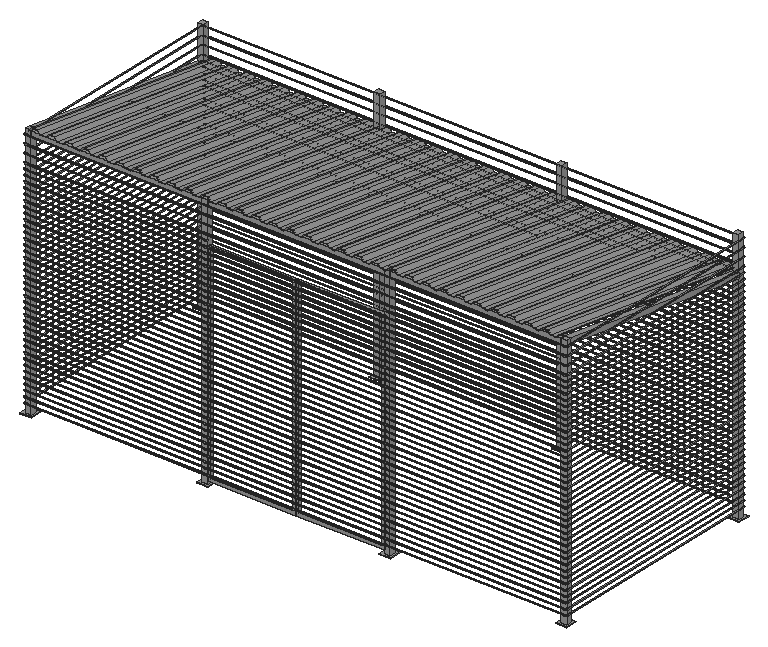
Revit family "31790 Контейнерная площадка для ТБО «Сплит» без хозблока Хоббика", category Антураж, Revit 2018 (continued)
Definition of nested family "3179 Контейнерная площадка для ТБО «Сплит» без хозблока Хоббика В 4,82 м"
  Forms (mm)
    Extrusion 6, solid, material <- "Цвет каркаса"
      sketch origin (0, 0, 0) x (0, 1, 0) y (0, 0, 1)
        loop
          line (975, 2104.054) -> (975, 2053.401) -> (1025, 2045.293) -> (1025, 2095.946) -> (975, 2104.054)
      from 75 to 4745
    Extrusion 7, solid, material <- "Цвет каркаса"
      sketch origin (0, 0, 0) x (0, 1, 0) y (0, 0, 1)
        loop
          circle (1980, 80) r 5
        loop
          circle (1980, 130) r 5
        loop
          circle (1980, 180) r 5
        loop
          circle (1980, 230) r 5
        loop
          circle (1980, 280) r 5
        loop
          circle (1980, 330) r 5
        loop
          circle (1980, 380) r 5
        loop
          circle (1980, 430) r 5
        loop
          circle (1980, 480) r 5
        loop
          circle (1980, 530) r 5
        loop
          circle (1980, 580) r 5
        loop
          circle (1980, 630) r 5
        loop
          circle (1980, 680) r 5
        loop
          circle (1980, 730) r 5
        loop
          circle (1980, 780) r 5
        loop
          circle (1980, 830) r 5
        loop
          circle (1980, 880) r 5
        loop
          circle (1980, 930) r 5
        loop
          circle (1980, 980) r 5
        loop
          circle (1980, 1030) r 5
        loop
          circle (1980, 1080) r 5
        loop
          circle (1980, 1130) r 5
        loop
          circle (1980, 1180) r 5
        loop
          circle (1980, 1230) r 5
        loop
          circle (1980, 1280) r 5
        loop
          circle (1980, 1330) r 5
        loop
          circle (1980, 1380) r 5
        loop
          circle (1980, 1430) r 5
        loop
          circle (1980, 1480) r 5
        loop
          circle (1980, 1530) r 5
        loop
          circle (1980, 1580) r 5
        loop
          circle (1980, 1630) r 5
        loop
          circle (1980, 1680) r 5
        loop
          circle (1980, 1730) r 5
        loop
          circle (1980, 1780) r 5
        loop
          circle (1980, 1830) r 5
        loop
          circle (1980, 1880) r 5
        loop
          circle (1980, 1930) r 5
        loop
          circle (1980, 1980) r 5
        loop
          circle (1980, 2055) r 5
        loop
          circle (1980, 2130) r 5
        loop
          circle (1980, 2205) r 5
      from 25 to 4795
    Extrusion 8, solid, material <- "Цвет каркаса"
      sketch origin (-1960, 2000, 0) x (1, 0, 0) y (0, 0, 1)
        loop
          circle (1980, 80) r 5
        loop
          circle (1980, 130) r 5
        loop
          circle (1980, 180) r 5
        loop
          circle (1980, 230) r 5
        loop
          circle (1980, 280) r 5
        loop
          circle (1980, 330) r 5
        loop
          circle (1980, 380) r 5
        loop
          circle (1980, 430) r 5
        loop
          circle (1980, 480) r 5
        loop
          circle (1980, 530) r 5
        loop
          circle (1980, 580) r 5
        loop
          circle (1980, 630) r 5
        loop
          circle (1980, 680) r 5
        loop
          circle (1980, 730) r 5
        loop
          circle (1980, 780) r 5
        loop
          circle (1980, 830) r 5
        loop
          circle (1980, 880) r 5
        loop
          circle (1980, 930) r 5
        loop
          circle (1980, 980) r 5
        loop
          circle (1980, 1030) r 5
        loop
          circle (1980, 1080) r 5
        loop
          circle (1980, 1130) r 5
        loop
          circle (1980, 1180) r 5
        loop
          circle (1980, 1230) r 5
        loop
          circle (1980, 1280) r 5
        loop
          circle (1980, 1330) r 5
        loop
          circle (1980, 1380) r 5
        loop
          circle (1980, 1430) r 5
        loop
          circle (1980, 1480) r 5
        loop
          circle (1980, 1530) r 5
        loop
          circle (1980, 1580) r 5
        loop
          circle (1980, 1630) r 5
        loop
          circle (1980, 1680) r 5
        loop
          circle (1980, 1730) r 5
        loop
          circle (1980, 1780) r 5
        loop
          circle (1980, 1830) r 5
        loop
          circle (1980, 1880) r 5
        loop
          circle (1980, 1930) r 5
        loop
          circle (1980, 1980) r 5
        loop
          circle (1980, 2055) r 5
        loop
          circle (1980, 2130) r 5
        loop
          circle (1980, 2205) r 5
      from 25 to 1975
    Extrusion 9, solid, material <- "Цвет каркаса"
      sketch origin (-280, 2000, 0) x (1, 0, 0) y (0, 0, 1)
        loop
          circle (5080, 1680) r 5
        loop
          circle (5080, 1730) r 5
        loop
          circle (5080, 1780) r 5
        loop
          circle (5080, 1830) r 5
        loop
          circle (5080, 1880) r 5
        loop
          circle (5080, 1930) r 5
        loop
          circle (5080, 1980) r 5
        loop
          circle (5080, 2055) r 5
        loop
          circle (5080, 2130) r 5
        loop
          circle (5080, 2205) r 5
        loop
          circle (5080, 1430) r 5
        loop
          circle (5080, 1480) r 5
        loop
          circle (5080, 1530) r 5
        loop
          circle (5080, 1580) r 5
        loop
          circle (5080, 1630) r 5
        loop
          circle (5080, 1180) r 5
        loop
          circle (5080, 1230) r 5
        loop
          circle (5080, 1280) r 5
        loop
          circle (5080, 1330) r 5
        loop
          circle (5080, 1380) r 5
        loop
          circle (5080, 930) r 5
        loop
          circle (5080, 980) r 5
        loop
          circle (5080, 1030) r 5
        loop
          circle (5080, 1080) r 5
        loop
          circle (5080, 1130) r 5
        loop
          circle (5080, 680) r 5
        loop
          circle (5080, 730) r 5
        loop
          circle (5080, 780) r 5
        loop
          circle (5080, 830) r 5
        loop
          circle (5080, 880) r 5
        loop
          circle (5080, 430) r 5
        loop
          circle (5080, 480) r 5
        loop
          circle (5080, 530) r 5
        loop
          circle (5080, 580) r 5
        loop
          circle (5080, 630) r 5
        loop
          circle (5080, 180) r 5
        loop
          circle (5080, 230) r 5
        loop
          circle (5080, 280) r 5
        loop
          circle (5080, 330) r 5
        loop
          circle (5080, 380) r 5
        loop
          circle (5080, 80) r 5
        loop
          circle (5080, 130) r 5
      from 25 to 1975
    Extrusion 10, solid, material <- "Цвет каркаса"
      sketch origin (0, 0, 0) x (1, 0, 0) y (0, 0, 1)
        loop
          line (1631.667, 30.567) -> (2411.146, 30.567) -> (2411.146, 1891.892) -> (1631.667, 1891.892) -> (1631.667, 30.567)
        loop
          line (2386.146, 1866.892) -> (1656.667, 1866.892) -> (1656.667, 55.567) -> (2386.146, 55.567) -> (2386.146, 1866.892)
      from -25 to -50
    Extrusion 11, solid, material <- "Цвет каркаса"
      sketch origin (0, -1960, 0) x (0, 1, 0) y (0, 0, 1)
        loop
          circle (1980, 1980) r 5
        loop
          circle (1980, 2055) r 5
        loop
          circle (1980, 2130) r 5
        loop
          circle (1980, 2205) r 5
      from 25 to 4795
    Extrusion 12, solid, material <- "Цвет каркаса"
      sketch origin (0, -1960, 0) x (0, 1, 0) y (0, 0, 1)
        loop
          circle (1980, 80) r 5
        loop
          circle (1980, 130) r 5
        loop
          circle (1980, 180) r 5
        loop
          circle (1980, 230) r 5
        loop
          circle (1980, 280) r 5
        loop
          circle (1980, 330) r 5
        loop
          circle (1980, 380) r 5
        loop
          circle (1980, 430) r 5
        loop
          circle (1980, 480) r 5
        loop
          circle (1980, 530) r 5
        loop
          circle (1980, 580) r 5
        loop
          circle (1980, 630) r 5
        loop
          circle (1980, 680) r 5
        loop
          circle (1980, 730) r 5
        loop
          circle (1980, 780) r 5
        loop
          circle (1980, 830) r 5
        loop
          circle (1980, 880) r 5
        loop
          circle (1980, 930) r 5
        loop
          circle (1980, 980) r 5
        loop
          circle (1980, 1030) r 5
        loop
          circle (1980, 1080) r 5
        loop
          circle (1980, 1130) r 5
        loop
          circle (1980, 1180) r 5
        loop
          circle (1980, 1230) r 5
        loop
          circle (1980, 1280) r 5
        loop
          circle (1980, 1330) r 5
        loop
          circle (1980, 1380) r 5
        loop
          circle (1980, 1430) r 5
        loop
          circle (1980, 1480) r 5
        loop
          circle (1980, 1530) r 5
        loop
          circle (1980, 1580) r 5
        loop
          circle (1980, 1630) r 5
        loop
          circle (1980, 1680) r 5
        loop
          circle (1980, 1730) r 5
        loop
          circle (1980, 1780) r 5
        loop
          circle (1980, 1830) r 5
        loop
          circle (1980, 1880) r 5
      from 1631.667 to 2411.146
    Extrusion 13, solid, material <- "Цвет каркаса"
      sketch origin (0, -1960, 0) x (0, 1, 0) y (0, 0, 1)
        loop
          circle (1980, 80) r 5
        loop
          circle (1980, 130) r 5
        loop
          circle (1980, 180) r 5
        loop
          circle (1980, 230) r 5
        loop
          circle (1980, 280) r 5
        loop
          circle (1980, 330) r 5
        loop
          circle (1980, 380) r 5
        loop
          circle (1980, 430) r 5
        loop
          circle (1980, 480) r 5
        loop
          circle (1980, 530) r 5
        loop
          circle (1980, 580) r 5
        loop
          circle (1980, 630) r 5
        loop
          circle (1980, 680) r 5
        loop
          circle (1980, 730) r 5
        loop
          circle (1980, 780) r 5
        loop
          circle (1980, 830) r 5
        loop
          circle (1980, 880) r 5
        loop
          circle (1980, 930) r 5
        loop
          circle (1980, 980) r 5
        loop
          circle (1980, 1030) r 5
        loop
          circle (1980, 1080) r 5
        loop
          circle (1980, 1130) r 5
        loop
          circle (1980, 1180) r 5
        loop
          circle (1980, 1230) r 5
        loop
          circle (1980, 1280) r 5
        loop
          circle (1980, 1330) r 5
        loop
          circle (1980, 1380) r 5
        loop
          circle (1980, 1430) r 5
        loop
          circle (1980, 1480) r 5
        loop
          circle (1980, 1530) r 5
        loop
          circle (1980, 1580) r 5
        loop
          circle (1980, 1630) r 5
        loop
          circle (1980, 1680) r 5
        loop
          circle (1980, 1730) r 5
        loop
          circle (1980, 1780) r 5
        loop
          circle (1980, 1830) r 5
        loop
          circle (1980, 1880) r 5
        loop
          circle (1980, 1930) r 5
      from 25 to 1631.667
    Extrusion 14, solid, material <- "Цвет каркаса"
      sketch origin (0, -1960, 0) x (0, 1, 0) y (0, 0, 1)
        loop
          circle (1980, 80) r 5
        loop
          circle (1980, 130) r 5
        loop
          circle (1980, 180) r 5
        loop
          circle (1980, 230) r 5
        loop
          circle (1980, 280) r 5
        loop
          circle (1980, 330) r 5
        loop
          circle (1980, 380) r 5
        loop
          circle (1980, 430) r 5
        loop
          circle (1980, 480) r 5
        loop
          circle (1980, 530) r 5
        loop
          circle (1980, 580) r 5
        loop
          circle (1980, 630) r 5
        loop
          circle (1980, 680) r 5
        loop
          circle (1980, 730) r 5
        loop
          circle (1980, 780) r 5
        loop
          circle (1980, 830) r 5
        loop
          circle (1980, 880) r 5
        loop
          circle (1980, 930) r 5
        loop
          circle (1980, 980) r 5
        loop
          circle (1980, 1030) r 5
        loop
          circle (1980, 1080) r 5
        loop
          circle (1980, 1130) r 5
        loop
          circle (1980, 1180) r 5
        loop
          circle (1980, 1230) r 5
        loop
          circle (1980, 1280) r 5
        loop
          circle (1980, 1330) r 5
        loop
          circle (1980, 1380) r 5
        loop
          circle (1980, 1430) r 5
        loop
          circle (1980, 1480) r 5
        loop
          circle (1980, 1530) r 5
        loop
          circle (1980, 1580) r 5
        loop
          circle (1980, 1630) r 5
        loop
          circle (1980, 1680) r 5
        loop
          circle (1980, 1730) r 5
        loop
          circle (1980, 1780) r 5
        loop
          circle (1980, 1830) r 5
        loop
          circle (1980, 1880) r 5
        loop
          circle (1980, 1930) r 5
      from 3190.626 to 4795
    Extrusion 15, solid, material <- "Цвет каркаса"
      sketch origin (0, 0, 50) x (0, 1, 0) y (0, 0, 1)
        loop
          line (75, 2200) -> (75, 2149.347) -> (1925, 1849.347) -> (1925, 1900) -> (75, 2200)
      from 3190.626 to 3240.626
    Extrusion 16, solid, material <- "Цвет каркаса"
      sketch origin (0, 0, 50) x (0, 1, 0) y (0, 0, 1)
        loop
          line (75, 2200) -> (75, 2149.347) -> (1925, 1849.347) -> (1925, 1900) -> (75, 2200)
      from 1581.667 to 1631.667
    Extrusion 17, solid, material <- "Цвет каркаса"
      sketch origin (686.146, 0, 0) x (1, 0, 0) y (0, 0, 1)
        loop
          line (1725, 30.567) -> (2504.48, 30.567) -> (2504.48, 1891.892) -> (1725, 1891.892) -> (1725, 30.567)
        loop
          line (2479.48, 1866.892) -> (1750, 1866.892) -> (1750, 55.567) -> (2479.48, 55.567) -> (2479.48, 1866.892)
      from -25 to -50
    Extrusion 18, solid, material <- "Цвет каркаса"
      sketch origin (0, -1960, 0) x (0, 1, 0) y (0, 0, 1)
        loop
          circle (1980, 80) r 5
        loop
          circle (1980, 130) r 5
        loop
          circle (1980, 180) r 5
        loop
          circle (1980, 230) r 5
        loop
          circle (1980, 280) r 5
        loop
          circle (1980, 330) r 5
        loop
          circle (1980, 380) r 5
        loop
          circle (1980, 430) r 5
        loop
          circle (1980, 480) r 5
        loop
          circle (1980, 530) r 5
        loop
          circle (1980, 580) r 5
        loop
          circle (1980, 630) r 5
        loop
          circle (1980, 680) r 5
        loop
          circle (1980, 730) r 5
        loop
          circle (1980, 780) r 5
        loop
          circle (1980, 830) r 5
        loop
          circle (1980, 880) r 5
        loop
          circle (1980, 930) r 5
        loop
          circle (1980, 980) r 5
        loop
          circle (1980, 1030) r 5
        loop
          circle (1980, 1080) r 5
        loop
          circle (1980, 1130) r 5
        loop
          circle (1980, 1180) r 5
        loop
          circle (1980, 1230) r 5
        loop
          circle (1980, 1280) r 5
        loop
          circle (1980, 1330) r 5
        loop
          circle (1980, 1380) r 5
        loop
          circle (1980, 1430) r 5
        loop
          circle (1980, 1480) r 5
        loop
          circle (1980, 1530) r 5
        loop
          circle (1980, 1580) r 5
        loop
          circle (1980, 1630) r 5
        loop
          circle (1980, 1680) r 5
        loop
          circle (1980, 1730) r 5
        loop
          circle (1980, 1780) r 5
        loop
          circle (1980, 1830) r 5
        loop
          circle (1980, 1880) r 5
      from 2411.146 to 3190.626
  Dimensions and locks
    "Длина": plane 3 "По центру (Влево/Вправо)" to plane 4
    "Ширина": plane 5 to plane 1 "По центру (Вперед/Назад)"
    "Height": plane 6 to plane 2
    aligned and locked: level to plane 2
  Automatic sketch dimensions
    Extrusion 1 sketch curve to plane 3 "По центру (Влево/Вправо)" = 0 mm  (x2)
    plane 1 "По центру (Вперед/Назад)" to Extrusion 1 sketch curve = 0 mm  (x4)
    Extrusion 1 sketch curve to plane 5 = 0 mm  (x4)
    Extrusion 1 sketch curve to plane 4 = 0 mm  (x2)
    plane 3 "По центру (Влево/Вправо)" to Extrusion 1 sketch curve = 100 mm  (x2)
    Extrusion 1 sketch curve to plane 1 "По центру (Вперед/Назад)" = 100 mm  (x4)
    Extrusion 1 sketch curve to Extrusion 1 sketch curve = 1456.667 mm  (x2)
    Extrusion 1 sketch curve to plane 5 = 100 mm  (x3)
    Extrusion 1 sketch curve to Extrusion 1 sketch curve = 100 mm  (x7)
    Extrusion 1 sketch curve to Extrusion 1 sketch curve = 1506.667 mm  (x2)
    plane 3 "По центру (Влево/Вправо)" to Extrusion 2 sketch curve = 25 mm  (x2)
    Extrusion 2 sketch curve to plane 5 = 25 mm  (x4)
    Extrusion 2 sketch curve to Extrusion 2 sketch curve = 50 mm  (x12)
    Extrusion 2 sketch curve to Extrusion 2 sketch curve = 1506.667 mm  (x2)
    Extrusion 2 sketch curve to plane 1 "По центру (Вперед/Назад)" = 75 mm
    Extrusion 2 sketch curve to plane 1 "По центру (Вперед/Назад)" = 25 mm  (x4)
    Extrusion 2 sketch curve to Extrusion 2 sketch curve = 1558.96 mm  (x2)
    Extrusion 2 sketch curve to Extrusion 2 sketch curve = 45.414 mm
    Extrusion 2 sketch curve to plane 4 = 75 mm  (x2)
    Extrusion 2 sketch curve to plane 4 = 25 mm  (x2)
    Extrusion 3 sketch curve to plane 6 = 0 mm
    Extrusion 3 sketch curve to plane 1 "По центру (Вперед/Назад)" = 75 mm
    Extrusion 3 sketch curve to plane 5 = 75 mm
    Extrusion 3 sketch curve to Extrusion 3 sketch curve = 50.653 mm  (x2)
    Extrusion 3 sketch curve to plane 6 = 300 mm
    Extrusion 4 sketch curve to plane 6 = 0 mm
    Extrusion 4 sketch curve to plane 1 "По центру (Вперед/Назад)" = 75 mm
    Extrusion 4 sketch curve to plane 5 = 75 mm
    Extrusion 4 sketch curve to Extrusion 4 sketch curve = 50.653 mm  (x2)
    Extrusion 4 sketch curve to plane 6 = 300 mm
    Extrusion 6 sketch curve to plane 6 = 0 mm
    Extrusion 6 sketch curve to plane 1 "По центру (Вперед/Назад)" = 25 mm
    Extrusion 6 sketch curve to Extrusion 6 sketch curve = 50 mm  (x4)
    Extrusion 6 sketch curve to plane 6 = 196.599 mm
    Extrusion 6 sketch curve to Extrusion 6 sketch curve = 900 mm
    Extrusion 6 sketch curve to plane 5 = 75 mm
    Extrusion 6 sketch curve to plane 5 = 25 mm
    Extrusion 6 sketch curve to Extrusion 6 sketch curve = 8.108 mm  (x2)
    Extrusion 6 sketch curve to plane 6 = 308.108 mm
    Extrusion 6 sketch curve to Extrusion 6 sketch curve = 50.653 mm
    Extrusion 7 sketch curve to plane 5 = 20 mm  (x42)
    level to Extrusion 7 sketch curve = 80 mm
    Extrusion 7 sketch curve to Extrusion 7 sketch curve = 50 mm  (x38)
    Extrusion 7 sketch curve to Extrusion 7 sketch curve = 75 mm  (x2)
    Extrusion 7 sketch curve to plane 6 = 45 mm
    plane 3 "По центру (Влево/Вправо)" to Extrusion 8 sketch curve = 20 mm  (x42)
    level to Extrusion 8 sketch curve = 80 mm
    Extrusion 8 sketch curve to Extrusion 8 sketch curve = 50 mm  (x38)
    Extrusion 8 sketch curve to Extrusion 8 sketch curve = 75 mm  (x2)
    Extrusion 8 sketch curve to plane 6 = 45 mm
    Extrusion 9 sketch curve to plane 4 = 20 mm  (x42)
    level to Extrusion 9 sketch curve = 80 mm
    Extrusion 9 sketch curve to Extrusion 9 sketch curve = 50 mm  (x38)
    Extrusion 9 sketch curve to Extrusion 9 sketch curve = 75 mm  (x2)
    Extrusion 9 sketch curve to plane 6 = 45 mm
    Extrusion 11 sketch curve to plane 1 "По центру (Вперед/Назад)" = 20 mm  (x4)
    Extrusion 11 sketch curve to plane 6 = 270 mm
    Extrusion 11 sketch curve to Extrusion 11 sketch curve = 75 mm  (x2)
    Extrusion 11 sketch curve to plane 6 = 45 mm
    Extrusion 12 sketch curve to plane 1 "По центру (Вперед/Назад)" = 20 mm  (x37)
    level to Extrusion 12 sketch curve = 80 mm
    Extrusion 12 sketch curve to Extrusion 12 sketch curve = 50 mm  (x36)
    Extrusion 13 sketch curve to plane 1 "По центру (Вперед/Назад)" = 20 mm  (x38)
    level to Extrusion 13 sketch curve = 80 mm
    Extrusion 13 sketch curve to Extrusion 13 sketch curve = 50 mm  (x37)
    Extrusion 14 sketch curve to plane 1 "По центру (Вперед/Назад)" = 20 mm  (x38)
    level to Extrusion 14 sketch curve = 80 mm
    Extrusion 14 sketch curve to Extrusion 14 sketch curve = 50 mm  (x37)
    Extrusion 15 sketch curve to plane 6 = 0 mm
    Extrusion 15 sketch curve to plane 1 "По центру (Вперед/Назад)" = 75 mm
    Extrusion 15 sketch curve to plane 5 = 75 mm
    Extrusion 15 sketch curve to Extrusion 15 sketch curve = 50.653 mm  (x2)
    Extrusion 15 sketch curve to plane 6 = 300 mm
    Extrusion 16 sketch curve to plane 6 = 0 mm
    Extrusion 16 sketch curve to plane 1 "По центру (Вперед/Назад)" = 75 mm
    Extrusion 16 sketch curve to plane 5 = 75 mm
    Extrusion 16 sketch curve to Extrusion 16 sketch curve = 50.653 mm  (x2)
    Extrusion 16 sketch curve to plane 6 = 300 mm
    level to Extrusion 17 sketch curve = 30.567 mm
    Extrusion 17 sketch curve to plane 4 = 2408.854 mm
    Extrusion 17 sketch curve to Extrusion 17 sketch curve = 25 mm  (x4)
    Extrusion 17 sketch curve to Extrusion 17 sketch curve = 729.48 mm
    Extrusion 17 sketch curve to plane 6 = 383.108 mm
    Extrusion 18 sketch curve to plane 1 "По центру (Вперед/Назад)" = 20 mm  (x37)
    level to Extrusion 18 sketch curve = 80 mm
    Extrusion 18 sketch curve to Extrusion 18 sketch curve = 50 mm  (x36)
    Extrusion 10 sketch curve to plane 6 = 358.108 mm
    plane 3 "По центру (Влево/Вправо)" to Extrusion 10 sketch curve = 1631.667 mm
    Extrusion 10 sketch curve to Extrusion 10 sketch curve = 25 mm  (x3)
    Extrusion 10 sketch curve to Extrusion 10 sketch curve = 729.48 mm
    level to Extrusion 10 sketch curve = 55.567 mm
    level to Extrusion 10 sketch curve = 30.567 mm
    plane 3 "По центру (Влево/Вправо)" to Extrusion 5 sketch curve = 75 mm
    Extrusion 5 sketch curve to Extrusion 5 sketch curve = 0.707 mm  (x2)
    Extrusion 5 sketch curve to Extrusion 5 sketch curve = 25 mm  (x62)
    Extrusion 5 sketch curve to Extrusion 5 sketch curve = 0.414 mm  (x124)
    Extrusion 5 sketch curve to Extrusion 5 sketch curve = 49.172 mm  (x31)
    Extrusion 5 sketch curve to Extrusion 5 sketch curve = 50 mm  (x31)
    Extrusion 5 sketch curve to Extrusion 5 sketch curve = 20 mm
    Extrusion 5 sketch curve to Extrusion 5 sketch curve = 0 mm  (x30)
    Extrusion 5 sketch curve to Extrusion 5 sketch curve = 0.293 mm
    Extrusion 5 sketch curve to Extrusion 5 sketch curve = 1 mm  (x61)
    Extrusion 5 sketch curve to Extrusion 5 sketch curve = 24 mm  (x30)
    Extrusion 5 sketch curve to Extrusion 5 sketch curve = 19.586 mm
    Extrusion 5 sketch curve to Extrusion 5 sketch curve = 1.414 mm
    radius of Extrusion 7 sketch curve = 5 mm  (x42)
    radius of Extrusion 8 sketch curve = 5 mm  (x42)
    radius of Extrusion 9 sketch curve = 5 mm  (x42)
    radius of Extrusion 11 sketch curve = 5 mm  (x4)
    radius of Extrusion 12 sketch curve = 5 mm  (x37)
    radius of Extrusion 13 sketch curve = 5 mm  (x38)
    radius of Extrusion 14 sketch curve = 5 mm  (x38)
    radius of Extrusion 18 sketch curve = 5 mm  (x37)
Definition of nested family "3179 Контейнерная площадка для ТБО «Сплит» без хозблока Хоббика В 6,37 м"
  Parameters (values of type "3179 Контейнерная площадка для ТБО «Сплит» без хозблока Хоббика В 6,37 м")
    Ширина = 2000 mm
    Цвет каркаса = none
    Длина = 6370 mm
    Height = 2250 mm
  Reference planes
    plane 1 "По центру (Вперед/Назад)": y = 0
    plane 2: z = 0
    plane 3 "По центру (Влево/Вправо)": x = 0
    plane 4: x = 6370
    plane 5: y = 2000
    plane 6: z = 2250
  Forms (mm)
    Extrusion 1, solid, material <- "Цвет каркаса"
      sketch origin (0, 0, 0) x (1, 0, 0) y (0, 1, 0)
        loop
          line (0, 2000) -> (0, 1900) -> (100, 1900) -> (100, 2000) -> (0, 2000)
        loop
          line (6270, 2000) -> (6270, 1900) -> (6370, 1900) -> (6370, 2000) -> (6270, 2000)
        loop
          line (0, 100) -> (0, 0) -> (100, 0) -> (100, 100) -> (0, 100)
        loop
          line (6270, 100) -> (6270, 0) -> (6370, 0) -> (6370, 100) -> (6270, 100)
        loop
          line (3135, 2000) -> (3135, 1900) -> (3235, 1900) -> (3235, 2000) -> (3135, 2000)
        loop
          line (3135, 100) -> (3135, 0) -> (3235, 0) -> (3235, 100) -> (3135, 100)
        loop
          line (1542.5, 2000) -> (1542.5, 1900) -> (1642.5, 1900) -> (1642.5, 2000) -> (1542.5, 2000)
        loop
          line (1542.5, 100) -> (1542.5, 0) -> (1642.5, 0) -> (1642.5, 100) -> (1542.5, 100)
        loop
          line (4727.5, 2000) -> (4727.5, 1900) -> (4827.5, 1900) -> (4827.5, 2000) -> (4727.5, 2000)
        loop
          line (4727.5, 100) -> (4727.5, 0) -> (4827.5, 0) -> (4827.5, 100) -> (4727.5, 100)
      from 0 to 5
    Extrusion 2, solid, material <- "Цвет каркаса"
      sketch origin (0, 0, 0) x (1, 0, 0) y (0, 1, 0)
        loop
          line (75, 1925) -> (75, 1975) -> (25, 1975) -> (25, 1925) -> (75, 1925)
        loop
          line (6345, 1925) -> (6345, 1975) -> (6295, 1975) -> (6295, 1925) -> (6345, 1925)
        loop
          line (75, 25) -> (75, 75) -> (25, 75) -> (25, 25) -> (75, 25)
        loop
          line (6345, 25) -> (6345, 75) -> (6295, 75) -> (6295, 25) -> (6345, 25)
        loop
          line (3207.707, 1925) -> (3207.707, 1975) -> (3162.293, 1975) -> (3162.293, 1925) -> (3207.707, 1925)
        loop
          line (3212.293, 25) -> (3212.293, 75) -> (3162.293, 75) -> (3162.293, 25) -> (3212.293, 25)
        loop
          line (1617.5, 1925) -> (1617.5, 1975) -> (1567.5, 1975) -> (1567.5, 1925) -> (1617.5, 1925)
        loop
          line (1617.5, 25) -> (1617.5, 75) -> (1567.5, 75) -> (1567.5, 25) -> (1617.5, 25)
        loop
          line (4800.207, 1925) -> (4800.207, 1975) -> (4754.793, 1975) -> (4754.793, 1925) -> (4800.207, 1925)
        loop
          line (4804.793, 25) -> (4804.793, 75) -> (4754.793, 75) -> (4754.793, 25) -> (4804.793, 25)
      from 0 to 2250
    Extrusion 3, solid, material <- "Цвет каркаса"
      sketch origin (0, 0, 50) x (0, 1, 0) y (0, 0, 1)
        loop
          line (75, 2200) -> (75, 2149.347) -> (1925, 1849.347) -> (1925, 1900) -> (75, 2200)
      from 25 to 75
    Extrusion 4, solid, material <- "Цвет каркаса"
      sketch origin (0, 0, 50) x (0, 1, 0) y (0, 0, 1)
        loop
          line (75, 2200) -> (75, 2149.347) -> (1925, 1849.347) -> (1925, 1900) -> (75, 2200)
      from 4754.793 to 4800.207
    Extrusion 5, solid, material <- "Цвет каркаса"
      sketch origin (0, -359.193, 41.018) x (1, 0, 0) y (0, 0.160071, 0.987105)
        loop
          line (100, 2276) -> (75, 2251) -> (75.707, 2250.293) -> (100.414, 2275) -> (149.586, 2275) -> (174.586, 2250) -> (225.414, 2250) -> (250.414, 2275) -> (299.586, 2275) -> (324.586, 2250) -> (375.414, 2250) -> (400.414, 2275) -> (449.586, 2275) -> (474.586, 2250) -> (525.414, 2250) -> (550.414, 2275) -> (599.586, 2275) -> (624.586, 2250) -> (675.414, 2250) -> (700.414, 2275) -> (749.586, 2275) -> (774.586, 2250) -> (825.414, 2250) -> (850.414, 2275) -> (899.586, 2275) -> (924.586, 2250) -> (975.414, 2250) -> (1000.414, 2275) -> (1049.586, 2275) -> (1074.586, 2250) -> (1125.414, 2250) -> (1150.414, 2275) -> (1199.586, 2275) -> (1224.586, 2250) -> (1275.414, 2250) -> (1300.414, 2275) -> (1349.586, 2275) -> (1374.586, 2250) -> (1425.414, 2250) -> (1450.414, 2275) -> (1499.586, 2275) -> (1524.586, 2250) -> (1575.414, 2250) -> (1600.414, 2275) -> (1649.586, 2275) -> (1674.586, 2250) -> (1725.414, 2250) -> (1750.414, 2275) -> (1799.586, 2275) -> (1824.586, 2250) -> (1875.414, 2250) -> (1900.414, 2275) -> (1949.586, 2275) -> (1974.586, 2250) -> (2025.414, 2250) -> (2050.414, 2275) -> (2099.586, 2275) -> (2124.586, 2250) -> (2175.414, 2250) -> (2200.414, 2275) -> (2249.586, 2275) -> (2274.586, 2250) -> (2325.414, 2250) -> (2350.414, 2275) -> (2399.586, 2275) -> (2424.586, 2250) -> (2475.414, 2250) -> (2500.414, 2275) -> (2549.586, 2275) -> (2574.586, 2250) -> (2625.414, 2250) -> (2650.414, 2275) -> (2699.586, 2275) -> (2724.586, 2250) -> (2775.414, 2250) -> (2800.414, 2275) -> (2849.586, 2275) -> (2874.586, 2250) -> (2925.414, 2250) -> (2950.414, 2275) -> (2999.586, 2275) -> (3024.586, 2250) -> (3075.414, 2250) -> (3100.414, 2275) -> (3149.586, 2275) -> (3174.586, 2250) -> (3225.414, 2250) -> (3250.414, 2275) -> (3299.586, 2275) -> (3324.586, 2250) -> (3375.414, 2250) -> (3400.414, 2275) -> (3449.586, 2275) -> (3474.586, 2250) -> (3525.414, 2250) -> (3550.414, 2275) -> (3599.586, 2275) -> (3624.586, 2250) -> (3675.414, 2250) -> (3700.414, 2275) -> (3749.586, 2275) -> (3774.586, 2250) -> (3825.414, 2250) -> (3850.414, 2275) -> (3899.586, 2275) -> (3924.586, 2250) -> (3975.414, 2250) -> (4000.414, 2275) -> (4049.586, 2275) -> (4074.586, 2250) -> (4125.414, 2250) -> (4150.414, 2275) -> (4199.586, 2275) -> (4224.586, 2250) -> (4275.414, 2250) -> (4300.414, 2275) -> (4349.586, 2275) -> (4374.586, 2250) -> (4425.414, 2250) -> (4450.414, 2275) -> (4499.586, 2275) -> (4524.586, 2250) -> (4575.414, 2250) -> (4600.414, 2275) -> (4649.586, 2275) -> (4674.586, 2250) -> (4725.414, 2250) -> (4750.414, 2275) -> (4799.586, 2275) -> (4824.586, 2250) -> (4875.414, 2250) -> (4900.414, 2275) -> (4949.586, 2275) -> (4974.586, 2250) -> (5025.414, 2250) -> (5050.414, 2275) -> (5099.586, 2275) -> (5124.586, 2250) -> (5175.414, 2250) -> (5200.414, 2275) -> (5249.586, 2275) -> (5274.586, 2250) -> (5325.414, 2250) -> (5350.414, 2275) -> (5399.586, 2275) -> (5424.586, 2250) -> (5475.414, 2250) -> (5500.414, 2275) -> (5549.586, 2275) -> (5574.586, 2250) -> (5625.414, 2250) -> (5650.414, 2275) -> (5699.586, 2275) -> (5724.586, 2250) -> (5775.414, 2250) -> (5800.414, 2275) -> (5849.586, 2275) -> (5874.586, 2250) -> (5925.414, 2250) -> (5950.414, 2275) -> (5999.586, 2275) -> (6024.586, 2250) -> (6075.414, 2250) -> (6100.414, 2275) -> (6149.586, 2275) -> (6174.586, 2250) -> (6225.414, 2250) -> (6250.414, 2275) -> (6295, 2275) -> (6295, 2276) -> (6250, 2276) -> (6225, 2251) -> (6175, 2251) -> (6150, 2276) -> (6100, 2276) -> (6075, 2251) -> (6025, 2251) -> (6000, 2276) -> (5950, 2276) -> (5925, 2251) -> (5875, 2251) -> (5850, 2276) -> (5800, 2276) -> (5775, 2251) -> (5725, 2251) -> (5700, 2276) -> (5650, 2276) -> (5625, 2251) -> (5575, 2251) -> (5550, 2276) -> (5500, 2276) -> (5475, 2251) -> (5425, 2251) -> (5400, 2276) -> (5350, 2276) -> (5325, 2251) -> (5275, 2251) -> (5250, 2276) -> (5200, 2276) -> (5175, 2251) -> (5125, 2251) -> (5100, 2276) -> (5050, 2276) -> (5025, 2251) -> (4975, 2251) -> (4950, 2276) -> (4900, 2276) -> (4875, 2251) -> (4825, 2251) -> (4800, 2276) -> (4750, 2276) -> (4725, 2251) -> (4675, 2251) -> (4650, 2276) -> (4600, 2276) -> (4575, 2251) -> (4525, 2251) -> (4500, 2276) -> (4450, 2276) -> (4425, 2251) -> (4375, 2251) -> (4350, 2276) -> (4300, 2276) -> (4275, 2251) -> (4225, 2251) -> (4200, 2276) -> (4150, 2276) -> (4125, 2251) -> (4075, 2251) -> (4050, 2276) -> (4000, 2276) -> (3975, 2251) -> (3925, 2251) -> (3900, 2276) -> (3850, 2276) -> (3825, 2251) -> (3775, 2251) -> (3750, 2276) -> (3700, 2276) -> (3675, 2251) -> (3625, 2251) -> (3600, 2276) -> (3550, 2276) -> (3525, 2251) -> (3475, 2251) -> (3450, 2276) -> (3400, 2276) -> (3375, 2251) -> (3325, 2251) -> (3300, 2276) -> (3250, 2276) -> (3225, 2251) -> (3175, 2251) -> (3150, 2276) -> (3100, 2276) -> (3075, 2251) -> (3025, 2251) -> (3000, 2276) -> (2950, 2276) -> (2925, 2251) -> (2875, 2251) -> (2850, 2276) -> (2800, 2276) -> (2775, 2251) -> (2725, 2251) -> (2700, 2276) -> (2650, 2276) -> (2625, 2251) -> (2575, 2251) -> (2550, 2276) -> (2500, 2276) -> (2475, 2251) -> (2425, 2251) -> (2400, 2276) -> (2350, 2276) -> (2325, 2251) -> (2275, 2251) -> (2250, 2276) -> (2200, 2276) -> (2175, 2251) -> (2125, 2251) -> (2100, 2276) -> (2050, 2276) -> (2025, 2251) -> (1975, 2251) -> (1950, 2276) -> (1900, 2276) -> (1875, 2251) -> (1825, 2251) -> (1800, 2276) -> (1750, 2276) -> (1725, 2251) -> (1675, 2251) -> (1650, 2276) -> (1600, 2276) -> (1575, 2251) -> (1525, 2251) -> (1500, 2276) -> (1450, 2276) -> (1425, 2251) -> (1375, 2251) -> (1350, 2276) -> (1300, 2276) -> (1275, 2251) -> (1225, 2251) -> (1200, 2276) -> (1150, 2276) -> (1125, 2251) -> (1075, 2251) -> (1050, 2276) -> (1000, 2276) -> (975, 2251) -> (925, 2251) -> (900, 2276) -> (850, 2276) -> (825, 2251) -> (775, 2251) -> (750, 2276) -> (700, 2276) -> (675, 2251) -> (625, 2251) -> (600, 2276) -> (550, 2276) -> (525, 2251) -> (475, 2251) -> (450, 2276) -> (400, 2276) -> (375, 2251) -> (325, 2251) -> (300, 2276) -> (250, 2276) -> (225, 2251) -> (175, 2251) -> (150, 2276) -> (100, 2276)
      from 0 to -2020.773
    Extrusion 6, solid, material <- "Цвет каркаса"
      sketch origin (0, 0, 0) x (0, 1, 0) y (0, 0, 1)
        loop
          line (1925, 1941.892) -> (1925, 1891.892) -> (1975, 1891.892) -> (1975, 1941.892) -> (1925, 1941.892)
        loop
          line (25, 2250) -> (25, 2200) -> (75, 2200) -> (75, 2250) -> (25, 2250)
        loop
          line (975, 2104.054) -> (975, 2053.401) -> (1025, 2045.293) -> (1025, 2095.946) -> (975, 2104.054)
      from 75 to 6295
    Extrusion 7, solid, material <- "Цвет каркаса"
      sketch origin (0, 0, 0) x (0, 1, 0) y (0, 0, 1)
        loop
          circle (1980, 80) r 5
        loop
          circle (1980, 130) r 5
        loop
          circle (1980, 180) r 5
        loop
          circle (1980, 230) r 5
        loop
          circle (1980, 280) r 5
        loop
          circle (1980, 330) r 5
        loop
          circle (1980, 380) r 5
        loop
          circle (1980, 430) r 5
        loop
          circle (1980, 480) r 5
        loop
          circle (1980, 530) r 5
        loop
          circle (1980, 580) r 5
        loop
          circle (1980, 630) r 5
        loop
          circle (1980, 680) r 5
        loop
          circle (1980, 730) r 5
        loop
          circle (1980, 780) r 5
        loop
          circle (1980, 830) r 5
        loop
          circle (1980, 880) r 5
        loop
          circle (1980, 930) r 5
        loop
          circle (1980, 980) r 5
        loop
          circle (1980, 1030) r 5
        loop
          circle (1980, 1080) r 5
        loop
          circle (1980, 1130) r 5
        loop
          circle (1980, 1180) r 5
        loop
          circle (1980, 1230) r 5
        loop
          circle (1980, 1280) r 5
        loop
          circle (1980, 1330) r 5
        loop
          circle (1980, 1380) r 5
        loop
          circle (1980, 1430) r 5
        loop
          circle (1980, 1480) r 5
        loop
          circle (1980, 1530) r 5
        loop
          circle (1980, 1580) r 5
        loop
          circle (1980, 1630) r 5
        loop
          circle (1980, 1680) r 5
        loop
          circle (1980, 1730) r 5
        loop
          circle (1980, 1780) r 5
        loop
          circle (1980, 1830) r 5
        loop
          circle (1980, 1880) r 5
        loop
          circle (1980, 1930) r 5
        loop
          circle (1980, 1980) r 5
        loop
          circle (1980, 2055) r 5
        loop
          circle (1980, 2130) r 5
        loop
          circle (1980, 2205) r 5
      from 25 to 6345
    Extrusion 8, solid, material <- "Цвет каркаса"
      sketch origin (-1960, 2000, 0) x (1, 0, 0) y (0, 0, 1)
        loop
          circle (1980, 80) r 5
        loop
          circle (1980, 130) r 5
        loop
          circle (1980, 180) r 5
        loop
          circle (1980, 230) r 5
        loop
          circle (1980, 280) r 5
        loop
          circle (1980, 330) r 5
        loop
          circle (1980, 380) r 5
        loop
          circle (1980, 430) r 5
        loop
          circle (1980, 480) r 5
        loop
          circle (1980, 530) r 5
        loop
          circle (1980, 580) r 5
        loop
          circle (1980, 630) r 5
        loop
          circle (1980, 680) r 5
        loop
          circle (1980, 730) r 5
        loop
          circle (1980, 780) r 5
        loop
          circle (1980, 830) r 5
        loop
          circle (1980, 880) r 5
        loop
          circle (1980, 930) r 5
        loop
          circle (1980, 980) r 5
        loop
          circle (1980, 1030) r 5
        loop
          circle (1980, 1080) r 5
        loop
          circle (1980, 1130) r 5
        loop
          circle (1980, 1180) r 5
        loop
          circle (1980, 1230) r 5
        loop
          circle (1980, 1280) r 5
        loop
          circle (1980, 1330) r 5
        loop
          circle (1980, 1380) r 5
        loop
          circle (1980, 1430) r 5
        loop
          circle (1980, 1480) r 5
        loop
          circle (1980, 1530) r 5
        loop
          circle (1980, 1580) r 5
        loop
          circle (1980, 1630) r 5
        loop
          circle (1980, 1680) r 5
        loop
          circle (1980, 1730) r 5
        loop
          circle (1980, 1780) r 5
        loop
          circle (1980, 1830) r 5
        loop
          circle (1980, 1880) r 5
        loop
          circle (1980, 1930) r 5
        loop
          circle (1980, 1980) r 5
        loop
          circle (1980, 2055) r 5
        loop
          circle (1980, 2130) r 5
        loop
          circle (1980, 2205) r 5
      from 25 to 1975
    Extrusion 9, solid, material <- "Цвет каркаса"
      sketch origin (-280, 2000, 0) x (1, 0, 0) y (0, 0, 1)
        loop
          circle (6630, 1680) r 5
        loop
          circle (6630, 1730) r 5
        loop
          circle (6630, 1780) r 5
        loop
          circle (6630, 1830) r 5
        loop
          circle (6630, 1880) r 5
        loop
          circle (6630, 1930) r 5
        loop
          circle (6630, 1980) r 5
        loop
          circle (6630, 2055) r 5
        loop
          circle (6630, 2130) r 5
        loop
          circle (6630, 2205) r 5
        loop
          circle (6630, 1430) r 5
        loop
          circle (6630, 1480) r 5
        loop
          circle (6630, 1530) r 5
        loop
          circle (6630, 1580) r 5
        loop
          circle (6630, 1630) r 5
        loop
          circle (6630, 1180) r 5
        loop
          circle (6630, 1230) r 5
        loop
          circle (6630, 1280) r 5
        loop
          circle (6630, 1330) r 5
        loop
          circle (6630, 1380) r 5
        loop
          circle (6630, 930) r 5
        loop
          circle (6630, 980) r 5
        loop
          circle (6630, 1030) r 5
        loop
          circle (6630, 1080) r 5
        loop
          circle (6630, 1130) r 5
        loop
          circle (6630, 680) r 5
        loop
          circle (6630, 730) r 5
        loop
          circle (6630, 780) r 5
        loop
          circle (6630, 830) r 5
        loop
          circle (6630, 880) r 5
        loop
          circle (6630, 430) r 5
        loop
          circle (6630, 480) r 5
        loop
          circle (6630, 530) r 5
        loop
          circle (6630, 580) r 5
        loop
          circle (6630, 630) r 5
        loop
          circle (6630, 180) r 5
        loop
          circle (6630, 230) r 5
        loop
          circle (6630, 280) r 5
        loop
          circle (6630, 330) r 5
        loop
          circle (6630, 380) r 5
        loop
          circle (6630, 80) r 5
        loop
          circle (6630, 130) r 5
      from 25 to 1975
    Extrusion 10, solid, material <- "Цвет каркаса"
      sketch origin (0, 0, 0) x (1, 0, 0) y (0, 0, 1)
        loop
          line (1617.5, 30.567) -> (2389.896, 30.567) -> (2389.896, 1891.892) -> (1617.5, 1891.892) -> (1617.5, 30.567)
        loop
          line (2364.896, 1866.892) -> (1642.5, 1866.892) -> (1642.5, 55.567) -> (2364.896, 55.567) -> (2364.896, 1866.892)
      from -25 to -50
    Extrusion 11, solid, material <- "Цвет каркаса"
      sketch origin (0, -1960, 0) x (0, 1, 0) y (0, 0, 1)
        loop
          circle (1980, 1980) r 5
        loop
          circle (1980, 2055) r 5
        loop
          circle (1980, 2130) r 5
        loop
          circle (1980, 2205) r 5
      from 25 to 6345
    Extrusion 12, solid, material <- "Цвет каркаса"
      sketch origin (0, -1960, 0) x (0, 1, 0) y (0, 0, 1)
        loop
          circle (1980, 80) r 5
        loop
          circle (1980, 130) r 5
        loop
          circle (1980, 180) r 5
        loop
          circle (1980, 230) r 5
        loop
          circle (1980, 280) r 5
        loop
          circle (1980, 330) r 5
        loop
          circle (1980, 380) r 5
        loop
          circle (1980, 430) r 5
        loop
          circle (1980, 480) r 5
        loop
          circle (1980, 530) r 5
        loop
          circle (1980, 580) r 5
        loop
          circle (1980, 630) r 5
        loop
          circle (1980, 680) r 5
        loop
          circle (1980, 730) r 5
        loop
          circle (1980, 780) r 5
        loop
          circle (1980, 830) r 5
        loop
          circle (1980, 880) r 5
        loop
          circle (1980, 930) r 5
        loop
          circle (1980, 980) r 5
        loop
          circle (1980, 1030) r 5
        loop
          circle (1980, 1080) r 5
        loop
          circle (1980, 1130) r 5
        loop
          circle (1980, 1180) r 5
        loop
          circle (1980, 1230) r 5
        loop
          circle (1980, 1280) r 5
        loop
          circle (1980, 1330) r 5
        loop
          circle (1980, 1380) r 5
        loop
          circle (1980, 1430) r 5
        loop
          circle (1980, 1480) r 5
        loop
          circle (1980, 1530) r 5
        loop
          circle (1980, 1580) r 5
        loop
          circle (1980, 1630) r 5
        loop
          circle (1980, 1680) r 5
        loop
          circle (1980, 1730) r 5
        loop
          circle (1980, 1780) r 5
        loop
          circle (1980, 1830) r 5
        loop
          circle (1980, 1880) r 5
      from 1617.5 to 2389.896
    Extrusion 13, solid, material <- "Цвет каркаса"
      sketch origin (0, -1960, 0) x (0, 1, 0) y (0, 0, 1)
        loop
          circle (1980, 80) r 5
        loop
          circle (1980, 130) r 5
        loop
          circle (1980, 180) r 5
        loop
          circle (1980, 230) r 5
        loop
          circle (1980, 280) r 5
        loop
          circle (1980, 330) r 5
        loop
          circle (1980, 380) r 5
        loop
          circle (1980, 430) r 5
        loop
          circle (1980, 480) r 5
        loop
          circle (1980, 530) r 5
        loop
          circle (1980, 580) r 5
        loop
          circle (1980, 630) r 5
        loop
          circle (1980, 680) r 5
        loop
          circle (1980, 730) r 5
        loop
          circle (1980, 780) r 5
        loop
          circle (1980, 830) r 5
        loop
          circle (1980, 880) r 5
        loop
          circle (1980, 930) r 5
        loop
          circle (1980, 980) r 5
        loop
          circle (1980, 1030) r 5
        loop
          circle (1980, 1080) r 5
        loop
          circle (1980, 1130) r 5
        loop
          circle (1980, 1180) r 5
        loop
          circle (1980, 1230) r 5
        loop
          circle (1980, 1280) r 5
        loop
          circle (1980, 1330) r 5
        loop
          circle (1980, 1380) r 5
        loop
          circle (1980, 1430) r 5
        loop
          circle (1980, 1480) r 5
        loop
          circle (1980, 1530) r 5
        loop
          circle (1980, 1580) r 5
        loop
          circle (1980, 1630) r 5
        loop
          circle (1980, 1680) r 5
        loop
          circle (1980, 1730) r 5
        loop
          circle (1980, 1780) r 5
        loop
          circle (1980, 1830) r 5
        loop
          circle (1980, 1880) r 5
        loop
          circle (1980, 1930) r 5
      from 25 to 1617.5
    Extrusion 14, solid, material <- "Цвет каркаса"
      sketch origin (0, -1960, 0) x (0, 1, 0) y (0, 0, 1)
        loop
          circle (1980, 80) r 5
        loop
          circle (1980, 130) r 5
        loop
          circle (1980, 180) r 5
        loop
          circle (1980, 230) r 5
        loop
          circle (1980, 280) r 5
        loop
          circle (1980, 330) r 5
        loop
          circle (1980, 380) r 5
        loop
          circle (1980, 430) r 5
        loop
          circle (1980, 480) r 5
        loop
          circle (1980, 530) r 5
        loop
          circle (1980, 580) r 5
        loop
          circle (1980, 630) r 5
        loop
          circle (1980, 680) r 5
        loop
          circle (1980, 730) r 5
        loop
          circle (1980, 780) r 5
        loop
          circle (1980, 830) r 5
        loop
          circle (1980, 880) r 5
        loop
          circle (1980, 930) r 5
        loop
          circle (1980, 980) r 5
        loop
          circle (1980, 1030) r 5
        loop
          circle (1980, 1080) r 5
        loop
          circle (1980, 1130) r 5
        loop
          circle (1980, 1180) r 5
        loop
          circle (1980, 1230) r 5
        loop
          circle (1980, 1280) r 5
        loop
          circle (1980, 1330) r 5
        loop
          circle (1980, 1380) r 5
        loop
          circle (1980, 1430) r 5
        loop
          circle (1980, 1480) r 5
        loop
          circle (1980, 1530) r 5
        loop
          circle (1980, 1580) r 5
        loop
          circle (1980, 1630) r 5
        loop
          circle (1980, 1680) r 5
        loop
          circle (1980, 1730) r 5
        loop
          circle (1980, 1780) r 5
        loop
          circle (1980, 1830) r 5
        loop
          circle (1980, 1880) r 5
        loop
          circle (1980, 1930) r 5
      from 4754.793 to 6345
    Extrusion 15, solid, material <- "Цвет каркаса"
      sketch origin (0, 0, 50) x (0, 1, 0) y (0, 0, 1)
        loop
          line (75, 2200) -> (75, 2149.347) -> (1925, 1849.347) -> (1925, 1900) -> (75, 2200)
      from 3162.293 to 3207.707
    Extrusion 16, solid, material <- "Цвет каркаса"
      sketch origin (0, 0, 50) x (0, 1, 0) y (0, 0, 1)
        loop
          line (75, 2200) -> (75, 2149.347) -> (1925, 1849.347) -> (1925, 1900) -> (75, 2200)
      from 1567.5 to 1617.5
    Extrusion 17, solid, material <- "Цвет каркаса"
      sketch origin (0, -1960, 0) x (0, 1, 0) y (0, 0, 1)
        loop
          circle (1980, 80) r 5
        loop
          circle (1980, 130) r 5
        loop
          circle (1980, 180) r 5
        loop
          circle (1980, 230) r 5
        loop
          circle (1980, 280) r 5
        loop
          circle (1980, 330) r 5
        loop
          circle (1980, 380) r 5
        loop
          circle (1980, 430) r 5
        loop
          circle (1980, 480) r 5
        loop
          circle (1980, 530) r 5
        loop
          circle (1980, 580) r 5
        loop
          circle (1980, 630) r 5
        loop
          circle (1980, 680) r 5
        loop
          circle (1980, 730) r 5
        loop
          circle (1980, 780) r 5
        loop
          circle (1980, 830) r 5
        loop
          circle (1980, 880) r 5
        loop
          circle (1980, 930) r 5
        loop
          circle (1980, 980) r 5
        loop
          circle (1980, 1030) r 5
        loop
          circle (1980, 1080) r 5
        loop
          circle (1980, 1130) r 5
        loop
          circle (1980, 1180) r 5
        loop
          circle (1980, 1230) r 5
        loop
          circle (1980, 1280) r 5
        loop
          circle (1980, 1330) r 5
        loop
          circle (1980, 1380) r 5
        loop
          circle (1980, 1430) r 5
        loop
          circle (1980, 1480) r 5
        loop
          circle (1980, 1530) r 5
        loop
          circle (1980, 1580) r 5
        loop
          circle (1980, 1630) r 5
        loop
          circle (1980, 1680) r 5
        loop
          circle (1980, 1730) r 5
        loop
          circle (1980, 1780) r 5
        loop
          circle (1980, 1830) r 5
        loop
          circle (1980, 1880) r 5
      from 2389.896 to 3162.293
    Extrusion 18, solid, material <- "Цвет каркаса"
      sketch origin (0, 0, 50) x (0, 1, 0) y (0, 0, 1)
        loop
          line (75, 2200) -> (75, 2149.347) -> (1925, 1849.347) -> (1925, 1900) -> (75, 2200)
      from 6295 to 6345
    Extrusion 19, solid, material <- "Цвет каркаса"
      sketch origin (772.396, 0, 0) x (1, 0, 0) y (0, 0, 1)
        loop
          line (1617.5, 30.567) -> (2389.896, 30.567) -> (2389.896, 1891.892) -> (1617.5, 1891.892) -> (1617.5, 30.567)
        loop
          line (2364.896, 1866.892) -> (1642.5, 1866.892) -> (1642.5, 55.567) -> (2364.896, 55.567) -> (2364.896, 1866.892)
      from -25 to -50
    Extrusion 20, solid, material <- "Цвет каркаса"
      sketch origin (1592.5, 0, 0) x (1, 0, 0) y (0, 0, 1)
        loop
          line (1619.793, 30.567) -> (2389.896, 30.567) -> (2389.896, 1891.892) -> (1619.793, 1891.892) -> (1619.793, 30.567)
        loop
          line (2364.896, 1866.892) -> (1642.5, 1866.892) -> (1642.5, 55.567) -> (2364.896, 55.567) -> (2364.896, 1866.892)
      from -25 to -50
    Extrusion 21, solid, material <- "Цвет каркаса"
      sketch origin (2364.896, 0, 0) x (1, 0, 0) y (0, 0, 1)
        loop
          line (1617.5, 30.567) -> (2389.896, 30.567) -> (2389.896, 1891.892) -> (1617.5, 1891.892) -> (1617.5, 30.567)
        loop
          line (2364.896, 1866.892) -> (1642.5, 1866.892) -> (1642.5, 55.567) -> (2364.896, 55.567) -> (2364.896, 1866.892)
      from -25 to -50
    Extrusion 22, solid, material <- "Цвет каркаса"
      sketch origin (0, -1960, 0) x (0, 1, 0) y (0, 0, 1)
        loop
          circle (1980, 80) r 5
        loop
          circle (1980, 130) r 5
        loop
          circle (1980, 180) r 5
        loop
          circle (1980, 230) r 5
        loop
          circle (1980, 280) r 5
        loop
          circle (1980, 330) r 5
        loop
          circle (1980, 380) r 5
        loop
          circle (1980, 430) r 5
        loop
          circle (1980, 480) r 5
        loop
          circle (1980, 530) r 5
        loop
          circle (1980, 580) r 5
        loop
          circle (1980, 630) r 5
        loop
          circle (1980, 680) r 5
        loop
          circle (1980, 730) r 5
        loop
          circle (1980, 780) r 5
        loop
          circle (1980, 830) r 5
        loop
          circle (1980, 880) r 5
        loop
          circle (1980, 930) r 5
        loop
          circle (1980, 980) r 5
        loop
          circle (1980, 1030) r 5
        loop
          circle (1980, 1080) r 5
        loop
          circle (1980, 1130) r 5
        loop
          circle (1980, 1180) r 5
        loop
          circle (1980, 1230) r 5
        loop
          circle (1980, 1280) r 5
        loop
          circle (1980, 1330) r 5
        loop
          circle (1980, 1380) r 5
        loop
          circle (1980, 1430) r 5
        loop
          circle (1980, 1480) r 5
        loop
          circle (1980, 1530) r 5
        loop
          circle (1980, 1580) r 5
        loop
          circle (1980, 1630) r 5
        loop
          circle (1980, 1680) r 5
        loop
          circle (1980, 1730) r 5
        loop
          circle (1980, 1780) r 5
        loop
          circle (1980, 1830) r 5
        loop
          circle (1980, 1880) r 5
      from 3212.293 to 3982.396
    Extrusion 23, solid, material <- "Цвет каркаса"
      sketch origin (0, -1960, 0) x (0, 1, 0) y (0, 0, 1)
        loop
          circle (1980, 80) r 5
        loop
          circle (1980, 130) r 5
        loop
          circle (1980, 180) r 5
        loop
          circle (1980, 230) r 5
        loop
          circle (1980, 280) r 5
        loop
          circle (1980, 330) r 5
        loop
          circle (1980, 380) r 5
        loop
          circle (1980, 430) r 5
        loop
          circle (1980, 480) r 5
        loop
          circle (1980, 530) r 5
        loop
          circle (1980, 580) r 5
        loop
          circle (1980, 630) r 5
        loop
          circle (1980, 680) r 5
        loop
          circle (1980, 730) r 5
        loop
          circle (1980, 780) r 5
        loop
          circle (1980, 830) r 5
        loop
          circle (1980, 880) r 5
        loop
          circle (1980, 930) r 5
        loop
          circle (1980, 980) r 5
        loop
          circle (1980, 1030) r 5
        loop
          circle (1980, 1080) r 5
        loop
          circle (1980, 1130) r 5
        loop
          circle (1980, 1180) r 5
        loop
          circle (1980, 1230) r 5
        loop
          circle (1980, 1280) r 5
        loop
          circle (1980, 1330) r 5
        loop
          circle (1980, 1380) r 5
        loop
          circle (1980, 1430) r 5
        loop
          circle (1980, 1480) r 5
        loop
          circle (1980, 1530) r 5
        loop
          circle (1980, 1580) r 5
        loop
          circle (1980, 1630) r 5
        loop
          circle (1980, 1680) r 5
        loop
          circle (1980, 1730) r 5
        loop
          circle (1980, 1780) r 5
        loop
          circle (1980, 1830) r 5
        loop
          circle (1980, 1880) r 5
      from 3982.396 to 4754.793
  Dimensions and locks
    "Длина": plane 3 "По центру (Влево/Вправо)" to plane 4
    "Ширина": plane 5 to plane 1 "По центру (Вперед/Назад)"
    "Height": plane 6 to plane 2
    aligned and locked: level to plane 2
  Automatic sketch dimensions
    Extrusion 1 sketch curve to plane 3 "По центру (Влево/Вправо)" = 0 mm  (x2)
    plane 1 "По центру (Вперед/Назад)" to Extrusion 1 sketch curve = 0 mm  (x5)
    Extrusion 1 sketch curve to plane 5 = 0 mm  (x5)
    Extrusion 1 sketch curve to plane 4 = 0 mm  (x2)
    plane 3 "По центру (Влево/Вправо)" to Extrusion 1 sketch curve = 100 mm  (x2)
    Extrusion 1 sketch curve to plane 5 = 100 mm  (x5)
    Extrusion 1 sketch curve to Extrusion 1 sketch curve = 1442.5 mm  (x2)
    Extrusion 1 sketch curve to Extrusion 1 sketch curve = 100 mm  (x8)
    Extrusion 1 sketch curve to Extrusion 1 sketch curve = 1492.5 mm  (x4)
    Extrusion 1 sketch curve to plane 4 = 100 mm
    Extrusion 1 sketch curve to plane 1 "По центру (Вперед/Назад)" = 100 mm  (x4)
    plane 3 "По центру (Влево/Вправо)" to Extrusion 2 sketch curve = 25 mm  (x2)
    Extrusion 2 sketch curve to Extrusion 2 sketch curve = 50 mm  (x15)
    Extrusion 2 sketch curve to plane 1 "По центру (Вперед/Назад)" = 25 mm  (x5)
    Extrusion 2 sketch curve to Extrusion 2 sketch curve = 1492.5 mm  (x2)
    Extrusion 2 sketch curve to plane 5 = 25 mm  (x5)
    Extrusion 2 sketch curve to Extrusion 2 sketch curve = 1544.793 mm  (x2)
    Extrusion 2 sketch curve to Extrusion 2 sketch curve = 45.414 mm  (x2)
    Extrusion 2 sketch curve to Extrusion 2 sketch curve = 1547.086 mm
    Extrusion 2 sketch curve to Extrusion 2 sketch curve = 1542.5 mm
    Extrusion 2 sketch curve to plane 4 = 75 mm  (x2)
    Extrusion 2 sketch curve to plane 4 = 25 mm  (x2)
    Extrusion 2 sketch curve to plane 5 = 75 mm
    Extrusion 3 sketch curve to plane 6 = 0 mm
    Extrusion 3 sketch curve to plane 1 "По центру (Вперед/Назад)" = 75 mm
    Extrusion 3 sketch curve to plane 5 = 75 mm
    Extrusion 3 sketch curve to Extrusion 3 sketch curve = 50.653 mm  (x2)
    Extrusion 3 sketch curve to plane 6 = 300 mm
    Extrusion 4 sketch curve to plane 6 = 0 mm
    Extrusion 4 sketch curve to plane 1 "По центру (Вперед/Назад)" = 75 mm
    Extrusion 4 sketch curve to plane 5 = 75 mm
    Extrusion 4 sketch curve to Extrusion 4 sketch curve = 50.653 mm  (x2)
    Extrusion 4 sketch curve to plane 6 = 300 mm
    Extrusion 6 sketch curve to plane 6 = 0 mm
    Extrusion 6 sketch curve to plane 1 "По центру (Вперед/Назад)" = 25 mm
    Extrusion 6 sketch curve to Extrusion 6 sketch curve = 50 mm  (x4)
    Extrusion 6 sketch curve to plane 6 = 196.599 mm
    Extrusion 6 sketch curve to Extrusion 6 sketch curve = 900 mm
    Extrusion 6 sketch curve to plane 5 = 75 mm
    Extrusion 6 sketch curve to plane 5 = 25 mm
    Extrusion 6 sketch curve to Extrusion 6 sketch curve = 8.108 mm  (x2)
    Extrusion 6 sketch curve to plane 6 = 308.108 mm
    Extrusion 6 sketch curve to Extrusion 6 sketch curve = 50.653 mm
    Extrusion 7 sketch curve to plane 5 = 20 mm  (x42)
    level to Extrusion 7 sketch curve = 80 mm
    Extrusion 7 sketch curve to Extrusion 7 sketch curve = 50 mm  (x38)
    Extrusion 7 sketch curve to Extrusion 7 sketch curve = 75 mm  (x2)
    Extrusion 7 sketch curve to plane 6 = 45 mm
    plane 3 "По центру (Влево/Вправо)" to Extrusion 8 sketch curve = 20 mm  (x42)
    level to Extrusion 8 sketch curve = 80 mm
    Extrusion 8 sketch curve to Extrusion 8 sketch curve = 50 mm  (x38)
    Extrusion 8 sketch curve to Extrusion 8 sketch curve = 75 mm  (x2)
    Extrusion 8 sketch curve to plane 6 = 45 mm
    Extrusion 9 sketch curve to plane 4 = 20 mm  (x42)
    level to Extrusion 9 sketch curve = 80 mm
    Extrusion 9 sketch curve to Extrusion 9 sketch curve = 50 mm  (x38)
    Extrusion 9 sketch curve to Extrusion 9 sketch curve = 75 mm  (x2)
    Extrusion 9 sketch curve to plane 6 = 45 mm
    level to Extrusion 10 sketch curve = 30.567 mm
    plane 3 "По центру (Влево/Вправо)" to Extrusion 10 sketch curve = 1617.5 mm
    Extrusion 10 sketch curve to Extrusion 10 sketch curve = 25 mm  (x4)
    Extrusion 10 sketch curve to Extrusion 10 sketch curve = 722.396 mm
    Extrusion 10 sketch curve to plane 6 = 383.108 mm
    Extrusion 11 sketch curve to plane 1 "По центру (Вперед/Назад)" = 20 mm  (x4)
    Extrusion 11 sketch curve to plane 6 = 270 mm
    Extrusion 11 sketch curve to Extrusion 11 sketch curve = 75 mm  (x2)
    Extrusion 11 sketch curve to plane 6 = 45 mm
    Extrusion 12 sketch curve to plane 1 "По центру (Вперед/Назад)" = 20 mm  (x37)
    level to Extrusion 12 sketch curve = 80 mm
    Extrusion 12 sketch curve to Extrusion 12 sketch curve = 50 mm  (x36)
    Extrusion 13 sketch curve to plane 1 "По центру (Вперед/Назад)" = 20 mm  (x38)
    level to Extrusion 13 sketch curve = 80 mm
    Extrusion 13 sketch curve to Extrusion 13 sketch curve = 50 mm  (x37)
    Extrusion 14 sketch curve to plane 1 "По центру (Вперед/Назад)" = 20 mm  (x38)
    level to Extrusion 14 sketch curve = 80 mm
    Extrusion 14 sketch curve to Extrusion 14 sketch curve = 50 mm  (x37)
    Extrusion 15 sketch curve to plane 6 = 0 mm
    Extrusion 15 sketch curve to plane 1 "По центру (Вперед/Назад)" = 75 mm
    Extrusion 15 sketch curve to plane 5 = 75 mm
    Extrusion 15 sketch curve to Extrusion 15 sketch curve = 50.653 mm  (x2)
    Extrusion 15 sketch curve to plane 6 = 300 mm
    Extrusion 16 sketch curve to plane 6 = 0 mm
    Extrusion 16 sketch curve to plane 1 "По центру (Вперед/Назад)" = 75 mm
    Extrusion 16 sketch curve to plane 5 = 75 mm
    Extrusion 16 sketch curve to Extrusion 16 sketch curve = 50.653 mm  (x2)
    Extrusion 16 sketch curve to plane 6 = 300 mm
    Extrusion 17 sketch curve to plane 1 "По центру (Вперед/Назад)" = 20 mm  (x37)
    level to Extrusion 17 sketch curve = 80 mm
    Extrusion 17 sketch curve to Extrusion 17 sketch curve = 50 mm  (x36)
    Extrusion 18 sketch curve to plane 6 = 0 mm
    Extrusion 18 sketch curve to plane 1 "По центру (Вперед/Назад)" = 75 mm
    Extrusion 18 sketch curve to plane 5 = 75 mm
    Extrusion 18 sketch curve to Extrusion 18 sketch curve = 50.653 mm  (x2)
    Extrusion 18 sketch curve to plane 6 = 300 mm
    level to Extrusion 19 sketch curve = 30.567 mm
    plane 3 "По центру (Влево/Вправо)" to Extrusion 19 sketch curve = 2389.896 mm
    Extrusion 19 sketch curve to Extrusion 19 sketch curve = 25 mm  (x4)
    Extrusion 19 sketch curve to Extrusion 19 sketch curve = 722.396 mm
    Extrusion 19 sketch curve to plane 6 = 383.108 mm
    level to Extrusion 20 sketch curve = 30.567 mm
    Extrusion 20 sketch curve to plane 4 = 3157.707 mm
    Extrusion 20 sketch curve to Extrusion 20 sketch curve = 22.707 mm
    Extrusion 20 sketch curve to Extrusion 20 sketch curve = 722.396 mm
    Extrusion 20 sketch curve to Extrusion 20 sketch curve = 25 mm  (x3)
    Extrusion 20 sketch curve to plane 6 = 383.108 mm
    level to Extrusion 21 sketch curve = 30.567 mm
    Extrusion 21 sketch curve to plane 4 = 2387.604 mm
    Extrusion 21 sketch curve to Extrusion 21 sketch curve = 25 mm  (x4)
    Extrusion 21 sketch curve to Extrusion 21 sketch curve = 722.396 mm
    Extrusion 21 sketch curve to plane 6 = 383.108 mm
    Extrusion 22 sketch curve to plane 1 "По центру (Вперед/Назад)" = 20 mm  (x37)
    level to Extrusion 22 sketch curve = 80 mm
    level to Extrusion 22 sketch curve = 130 mm
    Extrusion 22 sketch curve to Extrusion 22 sketch curve = 50 mm  (x35)
    Extrusion 23 sketch curve to plane 1 "По центру (Вперед/Назад)" = 20 mm  (x37)
    level to Extrusion 23 sketch curve = 80 mm
    level to Extrusion 23 sketch curve = 130 mm
    Extrusion 23 sketch curve to Extrusion 23 sketch curve = 50 mm  (x35)
    plane 3 "По центру (Влево/Вправо)" to Extrusion 5 sketch curve = 75 mm
    Extrusion 5 sketch curve to Extrusion 5 sketch curve = 0.707 mm  (x2)
    Extrusion 5 sketch curve to Extrusion 5 sketch curve = 25 mm  (x83)
